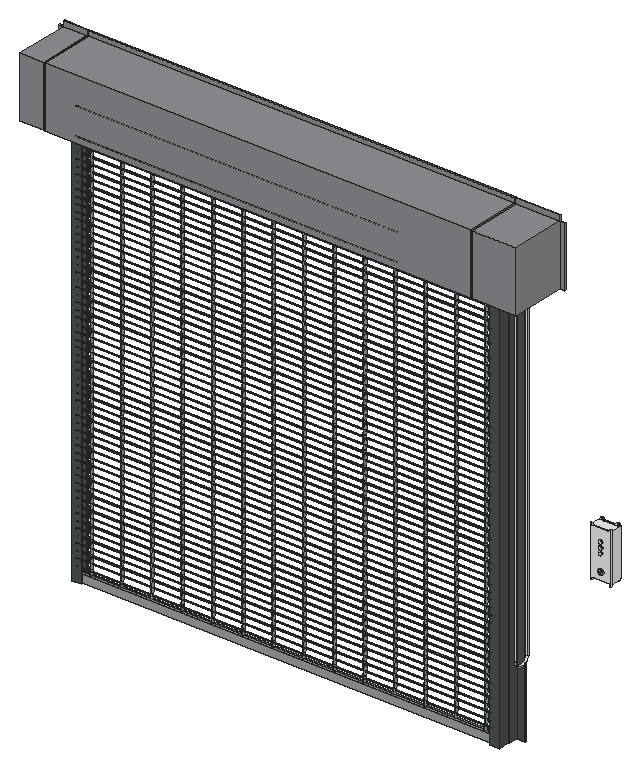
Revit family "Doors_Industrial_Overhead-Door-Corporation_EverServe-Springless-Security-Grilles-671S", category Specialty Equipment, host Wall, Revit 2026 (continued)
Definition of nested family "Warning Sign"
  Lines and regions (in)
    model lines
      curve 33: arc (-1.6331, -0.5, 13.97069) -> (0.03439, -0.5, 12.53727) -> (1.69278, -0.5, 13.98121) r 1.68043
      curve 34: line (-3.77413, -0.5, 28.37873) -> (-1.6331, -0.5, 13.97069)
      curve 35: line (1.69278, -0.5, 13.98121) -> (3.73924, -0.5, 28.37873)
      curve 36: arc (3.73924, -0.5, 28.37873) -> (-0.01745, -0.5, 32.13541) -> (-3.77413, -0.5, 28.37873) r 3.75668
  Dimensions and locks (in)
    locked: plane 1 "Center (Front/Back)" to plane 4 at 0.5
    equal spacing: plane 1 "Center (Front/Back)", plane 7, plane 4
    locked: plane 4 to plane 6 at 0.5
    locked: plane 5 to plane 1 "Center (Front/Back)" at 0.5
    aligned and locked: plane 2 to level
  Automatic sketch dimensions
    curve 21 to curve 22 = 0"  (x2)
    curve 25 to curve 26 = 0"  (x2)
    curve 29 to curve 30 = 0"  (x2)
    curve 31 to curve 32 = 0"  (x2)
    curve 21 to plane 3 "Center (Left/Right)" = 0"
    curve 31 to plane 3 "Center (Left/Right)" = 0"
    curve 30 to level = 0"
    level to curve 27 = 1.30556"
    curve 26 to curve 27 = 1.30556"
    curve 29 to curve 27 = 1.30556"
    curve 23 to curve 25 = 0.65278"
    curve 20 to curve 29 = 0.65278"
    curve 24 to curve 23 = 0.65278"
    curve 19 to curve 20 = 0.65278"
    level to curve 32 = 8.63537"
    curve 34 to plane 3 "Center (Left/Right)" = 1.6331"
    curve 34 to curve 31 = 5.33532"
    plane 3 "Center (Left/Right)" to curve 35 = 1.69278"
    curve 35 to curve 34 = 0.01052"
    plane 3 "Center (Left/Right)" to curve 33 = 0.02908"
    curve 36 to plane 3 "Center (Left/Right)" = 0.01745"
    curve 36 to curve 33 = 14.16104"
    curve 22 to curve 36 = 16.01016"
    plane 3 "Center (Left/Right)" to curve 23 = 1.13064"
    curve 23 to curve 21 = 0.65278"
    curve 20 to plane 3 "Center (Left/Right)" = 1.13064"
    plane 3 "Center (Left/Right)" to curve 24 = 2.26129"
    curve 24 to curve 22 = 0.65278"
    curve 19 to plane 3 "Center (Left/Right)" = 2.26129"
    curve 34 to curve 36 = 3.75668"
    curve 30 to plane 3 "Center (Left/Right)" = 24.12041"
    plane 3 "Center (Left/Right)" to curve 25 = 24.12041"
    curve 31 to curve 31 = 2.29479"
    curve 3 to curve 4 = 0"  (x2)
    curve 7 to curve 8 = 0"  (x2)
    curve 11 to curve 12 = 0"  (x2)
    curve 13 to curve 14 = 0"  (x2)
    curve 3 to plane 3 "Center (Left/Right)" = 0"
    curve 13 to plane 3 "Center (Left/Right)" = 0"
    curve 12 to level = 0"
    level to curve 9 = 1.30556"
    curve 8 to curve 9 = 1.30556"
    curve 11 to curve 9 = 1.30556"
    curve 5 to curve 7 = 0.65278"
    curve 2 to curve 11 = 0.65278"
    curve 6 to curve 5 = 0.65278"
    curve 1 to curve 2 = 0.65278"
    level to curve 14 = 8.63537"
    curve 16 to plane 3 "Center (Left/Right)" = 1.6331"
    curve 16 to curve 13 = 5.33532"
    plane 3 "Center (Left/Right)" to curve 17 = 1.69278"
    curve 17 to curve 16 = 0.01052"
    plane 3 "Center (Left/Right)" to curve 15 = 0.02908"
    curve 18 to plane 3 "Center (Left/Right)" = 0.01745"
    curve 18 to curve 15 = 14.16104"
    curve 4 to curve 18 = 16.01016"
    plane 3 "Center (Left/Right)" to curve 5 = 1.13064"
    curve 5 to curve 3 = 0.65278"
    curve 2 to plane 3 "Center (Left/Right)" = 1.13064"
    plane 3 "Center (Left/Right)" to curve 6 = 2.26129"
    curve 6 to curve 4 = 0.65278"
    curve 1 to plane 3 "Center (Left/Right)" = 2.26129"
    curve 16 to curve 18 = 3.75668"
    curve 12 to plane 3 "Center (Left/Right)" = 24.12041"
    plane 3 "Center (Left/Right)" to curve 7 = 24.12041"
    curve 13 to curve 13 = 2.29479"
Types (6): name | Voltage | Number of Poles | Apparent Load Phase 3 | Apparent Load Phase 2 | Apparent Load Phase 1
  208 volts, one phase, 60 Hz (208-240V range) | 208 V | 1 | 0 VA | 0 VA | 4160 VA
  220 volts, one phase, 60 Hz (220-240V range) | 220 V | 1 | 0 VA | 0 VA | 4400 VA
  208 volts, three phase, 60 Hz (208-240V range) | 208 V | 3 | 2401.78 VA | 2401.78 VA | 2401.78 VA
  230 volts, three phase, 60 Hz (220-240V range) | 230 V | 3 | 2655.81 VA | 2655.81 VA | 2655.81 VA
  460 volts, three phase, 60 Hz (440-480 V range) | 460 V | 3 | 5311.62 VA | 5311.62 VA | 5311.62 VA
  575 volts, three phase, 60 Hz | 575 V | 3 | 6639.53 VA | 6639.53 VA | 6639.53 VA
